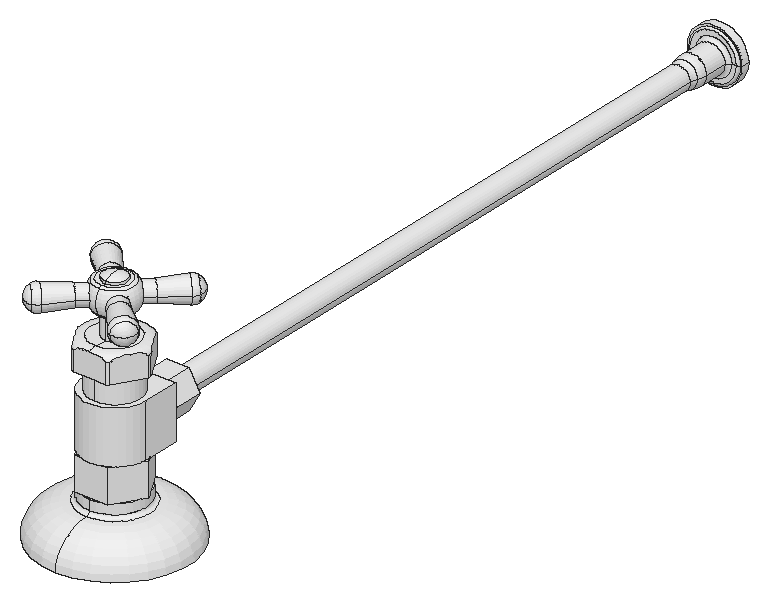
Revit family "Supply_Kit-Watercloset-Waterworks-Universal-Angle", category Plumbing Fixtures, host Face, Revit 2014 (continued)
Automatic sketch dimensions
  plane 3 "Center (Left/Right)" to Extrusion 5 sketch curve = 0' - 0.28868"
  Extrusion 5 sketch curve to Extrusion 5 sketch curve = 0' - 0.28868"
  plane 3 "Center (Left/Right)" to Revolve 6 sketch curve = 0' - 0.25063"
  Revolve 6 sketch curve to Revolve 6 sketch curve = 0' - 0.19938"  (x2)
  Revolve 6 sketch curve to Revolve 6 sketch curve = 0' - 0.09797"
  Revolve 6 sketch curve to plane 1 "Center (Front/Back)" = 0' - 0.25063"
  plane 8 "Bottom" to Revolve 6 sketch curve = 0' - 0.93382"
  Revolve 6 sketch curve to Revolve 6 sketch curve = 0' - 0"  (x2)
  Revolve 6 sketch curve to plane 1 "Center (Front/Back)" = 0' - 2.12132"
  Revolve 7 sketch curve to Revolve 7 sketch curve = 0' - 0.19938"  (x2)
  Revolve 7 sketch curve to plane 3 "Center (Left/Right)" = 0' - 0.25429"
  Revolve 7 sketch curve to plane 1 "Center (Front/Back)" = 0' - 0.25429"
  Revolve 7 sketch curve to plane 1 "Center (Front/Back)" = 0' - 2.12132"
  Revolve 7 sketch curve to Revolve 7 sketch curve = 0' - 0"  (x2)
  plane 8 "Bottom" to Revolve 7 sketch curve = 0' - 0.93382"
  Extrusion 9 sketch curve to plane 3 "Center (Left/Right)" = 0' - 0.18042"  (x2)
  plane 3 "Center (Left/Right)" to Extrusion 9 sketch curve = 0' - 0.18042"
  Extrusion 9 sketch curve to Extrusion 9 sketch curve = 0' - 0.18042"
  Extrusion 3 sketch curve to plane 3 "Center (Left/Right)" = 0' - 0 1/2"
  Extrusion 5 sketch curve to Extrusion 5 sketch curve = 0' - 0.78868"
  Extrusion 5 sketch curve to plane 8 "Bottom" = 0' - 0 3/16"
  plane 1 "Center (Front/Back)" to Extrusion 5 sketch curve = 0' - 0 1/2"
  Extrusion 9 sketch curve to plane 5 = 0' - 0 5/16"
  Revolve 10 sketch curve to Revolve 10 sketch curve = 0' - 0 5/8"
  Revolve 10 sketch curve to Revolve 10 sketch curve = 2' - 0"
  plane 7 "Front" to Revolve 10 sketch curve = 1' - 8 3/16"
  Revolve 1 sketch curve to level = 0' - 0"
  Revolve 1 sketch curve to Revolve 1 sketch curve = 0' - 0"
  Revolve 1 sketch curve to Revolve 1 sketch curve = 2' - 0"
  Revolve 1 sketch curve to Revolve 1 sketch curve = 1' - 8 3/16"
  Revolve 11 sketch curve to level = 2' - 0"
  plane 7 "Front" to Revolve 11 sketch curve = 1' - 4 1/8"
  Revolve 11 sketch curve to Revolve 11 sketch curve = 0' - 0"
  Revolve 8 sketch curve to plane 3 "Center (Left/Right)" = 0' - 0.27559"
  plane 8 "Bottom" to Revolve 8 sketch curve = 0' - 10 13/16"
  Revolve 8 sketch curve to Revolve 8 sketch curve = 1' - 0"
  Masking region 2 sketch curve to Masking region 2 sketch curve = 0' - 0 5/8"  (x2)
  Masking region 2 sketch curve to Masking region 2 sketch curve = 0' - 0.00064"
  Masking region 2 sketch curve to Masking region 2 sketch curve = 0' - 0"  (x2)
  Masking region 4 sketch curve to Masking region 4 sketch curve = 0' - 0 1/8"  (x2)
  Masking region 4 sketch curve to Masking region 4 sketch curve = 0' - 0.00064"
  Masking region 4 sketch curve to Masking region 4 sketch curve = 0' - 0"  (x2)
  Masking region 4 sketch curve to Masking region 4 sketch curve = 0' - 0.02866"  (x2)
  Masking region 4 sketch curve to Masking region 4 sketch curve = 0' - 0.00057"  (x2)
  Masking region 4 sketch curve to Masking region 4 sketch curve = 0' - 0 3/32"
  curve 9 to curve 13 = 0' - 0.10208"
  curve 9 to curve 8 = 0' - 0"  (x2)
  curve 15 to curve 15 = 0' - 0.12917"
  curve 6 to curve 5 = 0' - 0.22937"
  curve 2 to curve 5 = 0' - 0.22937"
  curve 1 to plane 3 "Center (Left/Right)" = 0' - 0 9/16"
  curve 21 to curve 21 = 0' - 0 1/16"
  curve 24 to curve 24 = 0' - 0 1/16"
  curve 14 to curve 17 = 0' - 0.07019"
  curve 24 to curve 20 = 0' - 0.08284"
  curve 20 to curve 19 = 0' - 0"  (x2)
  curve 21 to curve 18 = 0' - 0.08284"
  curve 19 to curve 23 = 0' - 0.14534"
  curve 18 to curve 22 = 0' - 0.14534"
  curve 17 to curve 11 = 0' - 0.07019"
  curve 23 to curve 23 = 0' - 0 1/16"
  curve 22 to curve 22 = 0' - 0 1/16"
  curve 10 to curve 9 = 0' - 0.10208"
  curve 3 to curve 4 = 0' - 0.22937"
  curve 3 to curve 2 = 0' - 0.22937"
  curve 25 to plane 3 "Center (Left/Right)" = 0' - 0 3/8"
  Masking region 4 sketch curve to Masking region 4 sketch curve = 0' - 0 5/32"  (x2)
  Masking region 1 sketch curve to Masking region 1 sketch curve = 0' - 0 5/8"  (x2)
  Masking region 1 sketch curve to Masking region 1 sketch curve = 0' - 0 13/32"
  Masking region 3 sketch curve to Masking region 3 sketch curve = 0' - 0.14534"
  Masking region 3 sketch curve to Masking region 3 sketch curve = 0' - 0 1/8"  (x2)
  Masking region 3 sketch curve to Masking region 3 sketch curve = 0' - 0 1/32"
  Masking region 3 sketch curve to Masking region 3 sketch curve = 0' - 0"  (x2)
  Masking region 3 sketch curve to Masking region 3 sketch curve = 0' - 0.06956"  (x2)
  Masking region 3 sketch curve to Masking region 3 sketch curve = 0' - 0.02866"  (x2)
  Masking region 3 sketch curve to Masking region 3 sketch curve = 0' - 0.00057"  (x2)
Connectors (in)
  piping at (0, 0, 0), diameter 0.5, driven by "Cold Water Inlet Connection", driven by "Cold Water Diameter"
    settings: on cut or joined group of Revolve 1, Extrusion 2, Extrusion 3, Revolve 4, Extrusion 5, Revolve 8, Extrusion 9, index 1, connector inside diameter 24", connector length 0' - 0", flow factor 0, pipe flow 0 GPM, pressure drop 0.00 psi, fitting loss kfactor 0, connector angle 0.00°, fixture units 0, engagement length 0' - 0", angle of deflection 0.00°, flow configuration 0, flow direction 1, fitting loss method 0, system type 20, joint type 0, gender type 0, connector reference index 2, connector utility 0, adjustable connector no, is connector primary yes, connector description "Inlet - Compression"
  piping at (0, 12.1875, 1.625), diameter 0.5, driven by "Cold Water Outlet Connection", driven by "Cold Water Diameter"
    settings: on cut or joined group of Revolve 1, Extrusion 2, Extrusion 3, Revolve 4, Extrusion 5, Revolve 8, Extrusion 9, index 2, connector inside diameter 24", connector length 0' - 0", flow factor 0, pipe flow 0 GPM, pressure drop 0.00 psi, fitting loss kfactor 0, connector angle 0.00°, fixture units 0, engagement length 0' - 0", angle of deflection 0.00°, flow configuration 0, flow direction 2, fitting loss method 0, system type 20, joint type 0, gender type 0, connector reference index 1, connector utility 0, adjustable connector no, is connector primary no, connector description "Outlet - Compression"
Types in the file's own list only (32): name | ‌Installation Requirements or Notes | Model SKU | Short Trim | Length | Product Page URL | Product Name | Product Documentation Link | Model | Finish | Description | Long Trim | ControlM | Constraint | Cold Water Inlet Connection | Code Compliance
  Compression - Antique Brass | "Additional made-to-order finish options are available in 12 weeks from purchase" | "26-98128-10038" | Yes | 0' - 2 3/8" | "http://www.waterworks.com/universal-angle-watercloset-supply-kits-1-2-compression-x-3-8-od-compression-unms31#" | "Universal Angle Watercloset Supply Kits 1/2” Compression x 3/8” O.D. Compression in Antique Brass" | "http://assets.waterworks.com/wasset/185/original/38585.pdf" | "UNMS31" | Metal - Waterworks - Antique Brass | "Universal Angle Watercloset Supply Kits 1/2” Compression x 3/8” O.D. Compression in Antique Brass" | No | 1 | 1 | "Inlet - Compression" | "Code # FDMS31: ASME A112.18.1 / CSA B125.1, IAPMO, State of MA"
  Compression - Antique Copper | "Additional made-to-order finish options are available in 12 weeks from purchase" | "26-94704-48892" | Yes | 0' - 2 3/8" | "http://www.waterworks.com/universal-angle-watercloset-supply-kits-1-2-compression-x-3-8-od-compression-unms31#" | "Universal Angle Watercloset Supply Kits 1/2” Compression x 3/8” O.D. Compression in Antique Copper" | "http://assets.waterworks.com/wasset/185/original/38585.pdf" | "UNMS31" | Metal - Waterworks - Antique Copper | "Universal Angle Watercloset Supply Kits 1/2” Compression x 3/8” O.D. Compression in Antique Copper" | No | 2 | 1 | "Inlet - Compression" | "Code # FDMS31: ASME A112.18.1 / CSA B125.1, IAPMO, State of MA"
  Compression - Architectural Bronze | "Additional made-to-order finish options are available in 12 weeks from purchase" | "26-91500-49692" | Yes | 0' - 2 3/8" | "http://www.waterworks.com/universal-angle-watercloset-supply-kits-1-2-compression-x-3-8-od-compression-unms31#" | "Universal Angle Watercloset Supply Kits 1/2” Compression x 3/8” O.D. Compression in Architectural Bronze" | "http://assets.waterworks.com/wasset/185/original/38585.pdf" | "UNMS31" | Metal - Waterworks - Architectural Bronze | "Universal Angle Watercloset Supply Kits 1/2” Compression x 3/8” O.D. Compression in Architectural Bronze" | No | 3 | 1 | "Inlet - Compression" | "Code # FDMS31: ASME A112.18.1 / CSA B125.1, IAPMO, State of MA"
  Compression - Burnished Brass | "Additional made-to-order finish options are available in 12 weeks from purchase" | "26-75215-59631" | Yes | 0' - 2 3/8" | "http://www.waterworks.com/universal-angle-watercloset-supply-kits-1-2-compression-x-3-8-od-compression-unms31#" | "Universal Angle Watercloset Supply Kits 1/2” Compression x 3/8” O.D. Compression in Burnished Brass" | "http://assets.waterworks.com/wasset/185/original/38585.pdf" | "UNMS31" | Metal - Waterworks - Burnished Brass | "Universal Angle Watercloset Supply Kits 1/2” Compression x 3/8” O.D. Compression in Burnished Brass" | No | 4 | 1 | "Inlet - Compression" | "Code # FDMS31: ASME A112.18.1 / CSA B125.1, IAPMO, State of MA"
  Compression - Burnished Nickel | "Additional made-to-order finish options are available in 12 weeks from purchase" | "26-40591-17287" | Yes | 0' - 2 3/8" | "http://www.waterworks.com/universal-angle-watercloset-supply-kits-1-2-compression-x-3-8-od-compression-unms31#" | "Universal Angle Watercloset Supply Kits 1/2” Compression x 3/8” O.D. Compression in Burnished Nickel" | "http://assets.waterworks.com/wasset/185/original/38585.pdf" | "UNMS31" | Metal - Waterworks - Burnished Nickel | "Universal Angle Watercloset Supply Kits 1/2” Compression x 3/8” O.D. Compression in Burnished Nickel" | No | 5 | 1 | "Inlet - Compression" | "Code # FDMS31: ASME A112.18.1 / CSA B125.1, IAPMO, State of MA"
  Compression - Carbon | "Additional made-to-order finish options are available in 12 weeks from purchase" | "26-79504-86116" | Yes | 0' - 2 3/8" | "http://www.waterworks.com/universal-angle-watercloset-supply-kits-1-2-compression-x-3-8-od-compression-unms31#" | "Universal Angle Watercloset Supply Kits 1/2” Compression x 3/8” O.D. Compression in Carbon" | "http://assets.waterworks.com/wasset/185/original/38585.pdf" | "UNMS31" | Metal - Waterworks - Carbon | "Universal Angle Watercloset Supply Kits 1/2” Compression x 3/8” O.D. Compression in Carbon" | No | 6 | 1 | "Inlet - Compression" | "Code # FDMS31: ASME A112.18.1 / CSA B125.1, IAPMO, State of MA"
  Compression - Chrome | "Additional made-to-order finish options are available in 12 weeks from purchase" | "26-94383-34073" | Yes | 0' - 2 3/8" | "http://www.waterworks.com/universal-angle-watercloset-supply-kits-1-2-compression-x-3-8-od-compression-unms31#" | "Universal Angle Watercloset Supply Kits 1/2” Compression x 3/8” O.D. Compression in Chrome" | "http://assets.waterworks.com/wasset/185/original/38585.pdf" | "UNMS31" | Metal - Waterworks - Chrome | "Universal Angle Watercloset Supply Kits 1/2” Compression x 3/8” O.D. Compression in Chrome" | No | 7 | 1 | "Inlet - Compression" | "Code # FDMS31: ASME A112.18.1 / CSA B125.1, IAPMO, State of MA"
  Compression - Gold | "Additional made-to-order finish options are available in 12 weeks from purchase" | "26-85701-08009" | Yes | 0' - 2 3/8" | "http://www.waterworks.com/universal-angle-watercloset-supply-kits-1-2-compression-x-3-8-od-compression-unms31#" | "Universal Angle Watercloset Supply Kits 1/2” Compression x 3/8” O.D. Compression in Gold" | "http://assets.waterworks.com/wasset/185/original/38585.pdf" | "UNMS31" | Metal - Waterworks - Gold | "Universal Angle Watercloset Supply Kits 1/2” Compression x 3/8” O.D. Compression in Gold" | No | 8 | 1 | "Inlet - Compression" | "Code # FDMS31: ASME A112.18.1 / CSA B125.1, IAPMO, State of MA"
  Compression - Matte Gold | "Additional made-to-order finish options are available in 12 weeks from purchase" | "26-47688-23317" | Yes | 0' - 2 3/8" | "http://www.waterworks.com/universal-angle-watercloset-supply-kits-1-2-compression-x-3-8-od-compression-unms31#" | "Universal Angle Watercloset Supply Kits 1/2” Compression x 3/8” O.D. Compression in Matte Gold" | "http://assets.waterworks.com/wasset/185/original/38585.pdf" | "UNMS31" | Metal - Waterworks - Matte Gold | "Universal Angle Watercloset Supply Kits 1/2” Compression x 3/8” O.D. Compression in Matte Gold" | No | 9 | 1 | "Inlet - Compression" | "Code # FDMS31: ASME A112.18.1 / CSA B125.1, IAPMO, State of MA"
  Compression - Matte Nickel | "Additional made-to-order finish options are available in 12 weeks from purchase" | "26-64024-09915" | Yes | 0' - 2 3/8" | "http://www.waterworks.com/universal-angle-watercloset-supply-kits-1-2-compression-x-3-8-od-compression-unms31#" | "Universal Angle Watercloset Supply Kits 1/2” Compression x 3/8” O.D. Compression in Matte Nickel" | "http://assets.waterworks.com/wasset/185/original/38585.pdf" | "UNMS31" | Metal - Waterworks - Matte Nickel | "Universal Angle Watercloset Supply Kits 1/2” Compression x 3/8” O.D. Compression in Matte Nickel" | No | 10 | 1 | "Inlet - Compression" | "Code # FDMS31: ASME A112.18.1 / CSA B125.1, IAPMO, State of MA"
  Compression - Nickel | "Additional made-to-order finish options are available in 12 weeks from purchase" | "26-94389-50764" | Yes | 0' - 2 3/8" | "http://www.waterworks.com/universal-angle-watercloset-supply-kits-1-2-compression-x-3-8-od-compression-unms31#" | "Universal Angle Watercloset Supply Kits 1/2” Compression x 3/8” O.D. Compression in Nickel" | "http://assets.waterworks.com/wasset/185/original/38585.pdf" | "UNMS31" | Metal - Waterworks - Nickel | "Universal Angle Watercloset Supply Kits 1/2” Compression x 3/8” O.D. Compression in Nickel" | No | 11 | 1 | "Inlet - Compression" | "Code # FDMS31: ASME A112.18.1 / CSA B125.1, IAPMO, State of MA"
  Compression - Pewter | "Additional made-to-order finish options are available in 12 weeks from purchase" | "26-53021-63245" | Yes | 0' - 2 3/8" | "http://www.waterworks.com/universal-angle-watercloset-supply-kits-1-2-compression-x-3-8-od-compression-unms31#" | "Universal Angle Watercloset Supply Kits 1/2” Compression x 3/8” O.D. Compression in Pewter" | "http://assets.waterworks.com/wasset/185/original/38585.pdf" | "UNMS31" | Metal - Waterworks - Pewter | "Universal Angle Watercloset Supply Kits 1/2” Compression x 3/8” O.D. Compression in Pewter" | No | 12 | 1 | "Inlet - Compression" | "Code # FDMS31: ASME A112.18.1 / CSA B125.1, IAPMO, State of MA"
  Compression - Shiny Copper | "Additional made-to-order finish options are available in 12 weeks from purchase" | "26-52522-07735" | Yes | 0' - 2 3/8" | "http://www.waterworks.com/universal-angle-watercloset-supply-kits-1-2-compression-x-3-8-od-compression-unms31#" | "Universal Angle Watercloset Supply Kits 1/2” Compression x 3/8” O.D. Compression in Shiny Copper" | "http://assets.waterworks.com/wasset/185/original/38585.pdf" | "UNMS31" | Metal - Waterworks - Shiny Copper | "Universal Angle Watercloset Supply Kits 1/2” Compression x 3/8” O.D. Compression in Shiny Copper" | No | 13 | 1 | "Inlet - Compression" | "Code # FDMS31: ASME A112.18.1 / CSA B125.1, IAPMO, State of MA"
  Compression - Sovereign | "Additional made-to-order finish options are available in 12 weeks from purchase" | "26-82545-86021" | Yes | 0' - 2 3/8" | "http://www.waterworks.com/universal-angle-watercloset-supply-kits-1-2-compression-x-3-8-od-compression-unms31#" | "Universal Angle Watercloset Supply Kits 1/2” Compression x 3/8” O.D. Compression in Sovereign" | "http://assets.waterworks.com/wasset/185/original/38585.pdf" | "UNMS31" | Metal - Waterworks - Sovereign | "Universal Angle Watercloset Supply Kits 1/2” Compression x 3/8” O.D. Compression in Sovereign" | No | 14 | 1 | "Inlet - Compression" | "Code # FDMS31: ASME A112.18.1 / CSA B125.1, IAPMO, State of MA"
  Compression - Unfinished | "Additional made-to-order finish options are available in 12 weeks from purchase" | "26-50209-75321" | Yes | 0' - 2 3/8" | "http://www.waterworks.com/universal-angle-watercloset-supply-kits-1-2-compression-x-3-8-od-compression-unms31#" | "Universal Angle Watercloset Supply Kits 1/2” Compression x 3/8” O.D. Compression in Unfinished" | "http://assets.waterworks.com/wasset/185/original/38585.pdf" | "UNMS31" | Metal - Waterworks - Unfinished | "Universal Angle Watercloset Supply Kits 1/2” Compression x 3/8” O.D. Compression in Unfinished" | No | 15 | 1 | "Inlet - Compression" | "Code # FDMS31: ASME A112.18.1 / CSA B125.1, IAPMO, State of MA"
  Compression - Unlacquered Brass | "Additional made-to-order finish options are available in 12 weeks from purchase" | "26-20730-88148" | Yes | 0' - 2 3/8" | "http://www.waterworks.com/universal-angle-watercloset-supply-kits-1-2-compression-x-3-8-od-compression-unms31#" | "Universal Angle Watercloset Supply Kits 1/2” Compression x 3/8” O.D. Compression in Unlacquered Brass" | "http://assets.waterworks.com/wasset/185/original/38585.pdf" | "UNMS31" | Metal - Waterworks - Unlacquered Brass | "Universal Angle Watercloset Supply Kits 1/2” Compression x 3/8” O.D. Compression in Unlacquered Brass" | No | 16 | 1 | "Inlet - Compression" | "Code # FDMS31: ASME A112.18.1 / CSA B125.1, IAPMO, State of MA"
  Compression - Vintage Brass | "Additional made-to-order finish options are available in 12 weeks from purchase" | "26-80070-28824" | Yes | 0' - 2 3/8" | "http://www.waterworks.com/universal-angle-watercloset-supply-kits-1-2-compression-x-3-8-od-compression-unms31#" | "Universal Angle Watercloset Supply Kits 1/2” Compression x 3/8” O.D. Compression in Vintage Brass" | "http://assets.waterworks.com/wasset/185/original/38585.pdf" | "UNMS31" | Metal - Waterworks - Vintage Brass | "Universal Angle Watercloset Supply Kits 1/2” Compression x 3/8” O.D. Compression in Vintage Brass" | No | 17 | 1 | "Inlet - Compression" | "Code # FDMS31: ASME A112.18.1 / CSA B125.1, IAPMO, State of MA"
  Sweat - Antique Brass | "Additional made-to-order finish options are available in 12 weeks from purchase" | "26-05712-82175" | No | 0' - 2 3/16" | "http://www.waterworks.com/universal-angle-watercloset-supply-kits-1-2-sweat-x-3-8-od-compression-unms33#" | "Universal Angle Watercloset Supply Kits 1/2” Sweat x 3/8” O.D. Compression in Antique Brass" | "http://assets.waterworks.com/wasset/118/original/39918.pdf" | "UNMS33" | Metal - Waterworks - Antique Brass | "Universal Angle Watercloset Supply Kits 1/2” Sweat x 3/8” O.D. Compression in Antique Brass" | Yes | 1 | 2 | "Inlet - Sweat" | "Code # FDMS33: ASME A112.18.1 / CSA B125.1, IAPMO, State of MA"
  Sweat - Antique Copper | "Additional made-to-order finish options are available in 12 weeks from purchase" | "26-62939-38577" | No | 0' - 2 3/16" | "http://www.waterworks.com/universal-angle-watercloset-supply-kits-1-2-sweat-x-3-8-od-compression-unms33#" | "Universal Angle Watercloset Supply Kits 1/2” Sweat x 3/8” O.D. Compression in Antique Copper" | "http://assets.waterworks.com/wasset/118/original/39918.pdf" | "UNMS33" | Metal - Waterworks - Antique Copper | "Universal Angle Watercloset Supply Kits 1/2” Sweat x 3/8” O.D. Compression in Antique Copper" | Yes | 2 | 2 | "Inlet - Sweat" | "Code # FDMS33: ASME A112.18.1 / CSA B125.1, IAPMO, State of MA"
  Sweat - Architectural Bronze | "Additional made-to-order finish options are available in 12 weeks from purchase" | "26-67944-86272" | No | 0' - 2 3/16" | "http://www.waterworks.com/universal-angle-watercloset-supply-kits-1-2-sweat-x-3-8-od-compression-unms33#" | "Universal Angle Watercloset Supply Kits 1/2” Sweat x 3/8” O.D. Compression in Architectural Bronze" | "http://assets.waterworks.com/wasset/118/original/39918.pdf" | "UNMS33" | Metal - Waterworks - Architectural Bronze | "Universal Angle Watercloset Supply Kits 1/2” Sweat x 3/8” O.D. Compression in Architectural Bronze" | Yes | 3 | 2 | "Inlet - Sweat" | "Code # FDMS33: ASME A112.18.1 / CSA B125.1, IAPMO, State of MA"
  Sweat - Burnished Brass | "Additional made-to-order finish options are available in 12 weeks from purchase" | "26-81442-82545" | No | 0' - 2 3/16" | "http://www.waterworks.com/universal-angle-watercloset-supply-kits-1-2-sweat-x-3-8-od-compression-unms33#" | "Universal Angle Watercloset Supply Kits 1/2” Sweat x 3/8” O.D. Compression in Burnished Brass" | "http://assets.waterworks.com/wasset/118/original/39918.pdf" | "UNMS33" | Metal - Waterworks - Burnished Brass | "Universal Angle Watercloset Supply Kits 1/2” Sweat x 3/8” O.D. Compression in Burnished Brass" | Yes | 4 | 2 | "Inlet - Sweat" | "Code # FDMS33: ASME A112.18.1 / CSA B125.1, IAPMO, State of MA"
  Sweat - Carbon | "Additional made-to-order finish options are available in 12 weeks from purchase" | "26-34765-26806" | No | 0' - 2 3/16" | "http://www.waterworks.com/universal-angle-watercloset-supply-kits-1-2-sweat-x-3-8-od-compression-unms33#" | "Universal Angle Watercloset Supply Kits 1/2” Sweat x 3/8” O.D. Compression in Carbon" | "http://assets.waterworks.com/wasset/118/original/39918.pdf" | "UNMS33" | Metal - Waterworks - Carbon | "Universal Angle Watercloset Supply Kits 1/2” Sweat x 3/8” O.D. Compression in Carbon" | Yes | 5 | 2 | "Inlet - Sweat" | "Code # FDMS33: ASME A112.18.1 / CSA B125.1, IAPMO, State of MA"
  Sweat - Chrome | "Additional made-to-order finish options are available in 12 weeks from purchase" | "26-22145-74198" | No | 0' - 2 3/16" | "http://www.waterworks.com/universal-angle-watercloset-supply-kits-1-2-sweat-x-3-8-od-compression-unms33#" | "Universal Angle Watercloset Supply Kits 1/2” Sweat x 3/8” O.D. Compression in Chrome" | "http://assets.waterworks.com/wasset/118/original/39918.pdf" | "UNMS33" | Metal - Waterworks - Chrome | "Universal Angle Watercloset Supply Kits 1/2” Sweat x 3/8” O.D. Compression in Chrome" | Yes | 6 | 2 | "Inlet - Sweat" | "Code # FDMS33: ASME A112.18.1 / CSA B125.1, IAPMO, State of MA"
  Sweat - Gold | "Additional made-to-order finish options are available in 12 weeks from purchase" | "26-41698-21325" | No | 0' - 2 3/16" | "http://www.waterworks.com/universal-angle-watercloset-supply-kits-1-2-sweat-x-3-8-od-compression-unms33#" | "Universal Angle Watercloset Supply Kits 1/2” Sweat x 3/8” O.D. Compression in Gold" | "http://assets.waterworks.com/wasset/118/original/39918.pdf" | "UNMS33" | Metal - Waterworks - Gold | "Universal Angle Watercloset Supply Kits 1/2” Sweat x 3/8” O.D. Compression in Gold" | Yes | 7 | 2 | "Inlet - Sweat" | "Code # FDMS33: ASME A112.18.1 / CSA B125.1, IAPMO, State of MA"
  Sweat - Matte Gold | "Additional made-to-order finish options are available in 12 weeks from purchase" | "26-48377-83750" | No | 0' - 2 3/16" | "http://www.waterworks.com/universal-angle-watercloset-supply-kits-1-2-sweat-x-3-8-od-compression-unms33#" | "Universal Angle Watercloset Supply Kits 1/2” Sweat x 3/8” O.D. Compression in Matte Gold" | "http://assets.waterworks.com/wasset/118/original/39918.pdf" | "UNMS33" | Metal - Waterworks - Matte Gold | "Universal Angle Watercloset Supply Kits 1/2” Sweat x 3/8” O.D. Compression in Matte Gold" | Yes | 8 | 2 | "Inlet - Sweat" | "Code # FDMS33: ASME A112.18.1 / CSA B125.1, IAPMO, State of MA"
  Sweat - Matte Nickel | "Additional made-to-order finish options are available in 12 weeks from purchase" | "26-17450-04785" | No | 0' - 2 3/16" | "http://www.waterworks.com/universal-angle-watercloset-supply-kits-1-2-sweat-x-3-8-od-compression-unms33#" | "Universal Angle Watercloset Supply Kits 1/2” Sweat x 3/8” O.D. Compression in Matte Nickel" | "http://assets.waterworks.com/wasset/118/original/39918.pdf" | "UNMS33" | Metal - Waterworks - Matte Nickel | "Universal Angle Watercloset Supply Kits 1/2” Sweat x 3/8” O.D. Compression in Matte Nickel" | Yes | 9 | 2 | "Inlet - Sweat" | "Code # FDMS33: ASME A112.18.1 / CSA B125.1, IAPMO, State of MA"
  Sweat - Nickel | "Additional made-to-order finish options are available in 12 weeks from purchase" | "26-32227-72857" | No | 0' - 2 3/16" | "http://www.waterworks.com/universal-angle-watercloset-supply-kits-1-2-sweat-x-3-8-od-compression-unms33#" | "Universal Angle Watercloset Supply Kits 1/2” Sweat x 3/8” O.D. Compression in Nickel" | "http://assets.waterworks.com/wasset/118/original/39918.pdf" | "UNMS33" | Metal - Waterworks - Nickel | "Universal Angle Watercloset Supply Kits 1/2” Sweat x 3/8” O.D. Compression in Nickel" | Yes | 10 | 2 | "Inlet - Sweat" | "Code # FDMS33: ASME A112.18.1 / CSA B125.1, IAPMO, State of MA"
  Sweat - Pewter | "Additional made-to-order finish options are available in 12 weeks from purchase" | "26-38601-89249" | No | 0' - 2 3/16" | "http://www.waterworks.com/universal-angle-watercloset-supply-kits-1-2-sweat-x-3-8-od-compression-unms33#" | "Universal Angle Watercloset Supply Kits 1/2” Sweat x 3/8” O.D. Compression in Pewter" | "http://assets.waterworks.com/wasset/118/original/39918.pdf" | "UNMS33" | Metal - Waterworks - Pewter | "Universal Angle Watercloset Supply Kits 1/2” Sweat x 3/8” O.D. Compression in Pewter" | Yes | 11 | 2 | "Inlet - Sweat" | "Code # FDMS33: ASME A112.18.1 / CSA B125.1, IAPMO, State of MA"
  Sweat - Shiny Copper | "Additional made-to-order finish options are available in 12 weeks from purchase" | "26-69594-07291" | No | 0' - 2 3/16" | "http://www.waterworks.com/universal-angle-watercloset-supply-kits-1-2-sweat-x-3-8-od-compression-unms33#" | "Universal Angle Watercloset Supply Kits 1/2” Sweat x 3/8” O.D. Compression in Shiny Copper" | "http://assets.waterworks.com/wasset/118/original/39918.pdf" | "UNMS33" | Metal - Waterworks - Shiny Copper | "Universal Angle Watercloset Supply Kits 1/2” Sweat x 3/8” O.D. Compression in Shiny Copper" | Yes | 12 | 2 | "Inlet - Sweat" | "Code # FDMS33: ASME A112.18.1 / CSA B125.1, IAPMO, State of MA"
  Sweat - Sovereign | "Additional made-to-order finish options are available in 12 weeks from purchase" | "26-21722-80402" | No | 0' - 2 3/16" | "http://www.waterworks.com/universal-angle-watercloset-supply-kits-1-2-sweat-x-3-8-od-compression-unms33#" | "Universal Angle Watercloset Supply Kits 1/2” Sweat x 3/8” O.D. Compression in Sovereign" | "http://assets.waterworks.com/wasset/118/original/39918.pdf" | "UNMS33" | Metal - Waterworks - Sovereign | "Universal Angle Watercloset Supply Kits 1/2” Sweat x 3/8” O.D. Compression in Sovereign" | Yes | 13 | 2 | "Inlet - Sweat" | "Code # FDMS33: ASME A112.18.1 / CSA B125.1, IAPMO, State of MA"
  Sweat - Unlacquered Brass | "Additional made-to-order finish options are available in 12 weeks from purchase" | "26-01799-84264" | No | 0' - 2 3/16" | "http://www.waterworks.com/universal-angle-watercloset-supply-kits-1-2-sweat-x-3-8-od-compression-unms33#" | "Universal Angle Watercloset Supply Kits 1/2” Sweat x 3/8” O.D. Compression in Unlacquered Brass" | "http://assets.waterworks.com/wasset/118/original/39918.pdf" | "UNMS33" | Metal - Waterworks - Unlacquered Brass | "Universal Angle Watercloset Supply Kits 1/2” Sweat x 3/8” O.D. Compression in Unlacquered Brass" | Yes | 14 | 2 | "Inlet - Sweat" | "Code # FDMS33: ASME A112.18.1 / CSA B125.1, IAPMO, State of MA"
  Sweat - Vintage Brass | "Additional made-to-order finish options are available in 12 weeks from purchase" | "26-77155-91201" | No | 0' - 2 3/16" | "http://www.waterworks.com/universal-angle-watercloset-supply-kits-1-2-sweat-x-3-8-od-compression-unms33#" | "Universal Angle Watercloset Supply Kits 1/2” Sweat x 3/8” O.D. Compression in Vintage Brass" | "http://assets.waterworks.com/wasset/118/original/39918.pdf" | "UNMS33" | Metal - Waterworks - Vintage Brass | "Universal Angle Watercloset Supply Kits 1/2” Sweat x 3/8” O.D. Compression in Vintage Brass" | Yes | 15 | 2 | "Inlet - Sweat" | "Code # FDMS33: ASME A112.18.1 / CSA B125.1, IAPMO, State of MA"
